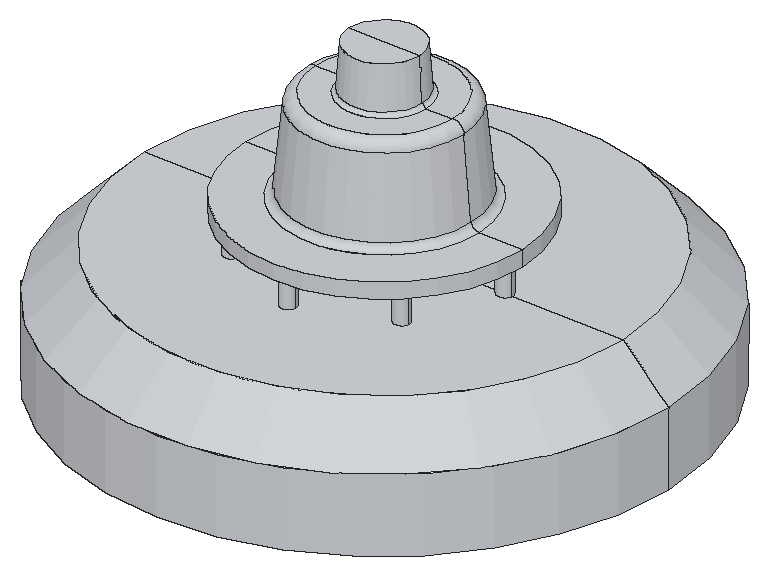
Revit family "HBG7 UFO", category Lighting Fixtures, Revit 2022
Family settings
  Round Connector Dimension = Use Diameter
  Part Type = Normal
  OmniClass Number = 23.80.70.00
  OmniClass Title = Lighting
  Work Plane-Based = No
  Always vertical = Yes
  Cut with Voids When Loaded = Yes
  Light Source = Yes
  Maintain Annotation Orientation = No
  Shared = No
  Room Calculation Point = No
Parameters (values of type "HBG7-150SP-3000K-90D")
  Wattage Comments = "150W"
  Wattage = 132.966 W
  built-in parameter 1150110 = 1 (stored number, unit not read)
  URL = "https://www.abovealllighting.com/Product/LED-INDOOR-FIXTURE/LEDHIGHBAYLOWBAY/HBG7UFOHighBayLight.html"
  built-in parameter 1114217 = 1 (stored number, unit not read)
  Tilt Angle = 90.00°
  built-in parameter 1150109 = 1 (stored number, unit not read)
  built-in parameter 1150134 = (empty or 0)
  built-in parameter 1150113 = 1 (stored number, unit not read)
  Power Factor = "0.9"
  Photometric Web File = "HBG7-150W-90D.IES"
  Model = "HBG7-150SP-SW1-HK-90-BK"
  Manufacturer = "Above All Lighting"  # constant formula
  Lumens = 19751 lm
  built-in parameter 1150115 = 1 (stored number, unit not read)
  built-in parameter 1150105 = 10493.4 (stored number, unit not read)
  Load Classification = Lighting
  built-in parameter 1150137 = (empty or 0)
  built-in parameter 1150139 = (empty or 0)
  built-in parameter 1150112 = 1 (stored number, unit not read)
  built-in parameter 1150114 = 1 (stored number, unit not read)
  Lamp = "LED"
  Input Voltage = "120-277V/347-480V"
  built-in parameter 1150132 = 2
  built-in parameter 1150102 = (empty or 0)
  built-in parameter 1150138 = (empty or 0)
  built-in parameter 1150107 = 3000 (stored number, unit not read)
  built-in parameter 1150106 = 104.93 (stored number, unit not read)
  IP Rating = "65"
  built-in parameter 1150104 = 13.8 (stored number, unit not read)
  Dimming Lamp Color Temperature Shift = <None>
  Default Elevation = 0' - 0"
  Color Filter = 16777215
  CRI = "80"
  Beam Angle [instance] = 90.00°
  built-in parameter 1114218 = 1 (stored number, unit not read)
  built-in parameter 1150133 = 10 (stored number, unit not read)
Types (4): name | Wattage Comments | Wattage | Photometric Web File | Model | Lumens | built-in parameter 1150105 | built-in parameter 1150106 | Beam Angle
  (no name) | "150W" | 132.966 W | "HBG7-150W-90D.IES" | "HBG7-150SP-SW1-HK-90-BK" | 19751 lm | 10493.4 (stored number, unit not read) | 104.93 (stored number, unit not read) | 90.00°
  HBG7-150SP-3000K-90D | "150W" | 132.966 W | "HBG7-150W-90D.IES" | "HBG7-150SP-SW1-HK-90-BK" | 19751 lm | 10493.4 (stored number, unit not read) | 104.93 (stored number, unit not read) | 90.00°
  HBG7-240SP-3000K-90D | "240W" | 211.247 W | "HBG7-240W-90D.IES" | "HBG7-240SP-SW1-HK-90-BK" | 31379 lm | 16671.1 (stored number, unit not read) | 166.71 (stored number, unit not read) | 90.00°
  HBG7-150SP-3000K-110D | "150W" | 132.999 W | "HBG7-150W-110D-3000K.IES" | "HBG7-150SP-SW1-HK-110-BK" | 19756 lm | 1572.1 (stored number, unit not read) | 15.721 (stored number, unit not read) | 110.00°
Reference planes (in)
  plane 1 "Light Source Axis (F/B)": y = 0
  plane 2: z = 0
  plane 3 "Light Source Axis (L/R)": x = 0
  plane 4 "Light Source Elevation": z = 54
  plane 5: z = 59
  plane 6: x = -4.72656
  plane 7: x = 4.72656
  plane 8: z = 55.96875
Forms (in)
  Revolve 1, solid
    sketch origin (0, 0, 0) x (1, 0, 0) y (0, 0, 1)
      loop
        line (-4.72656, 54) -> (0, 54) -> (0, 59) -> (-0.58178, 59) -> (-0.63003, 58.30997)
        arc (-0.63003, 58.30997) -> (-0.64975, 58.26862) -> (-0.69238, 58.25183) r 0.0625
        line (-0.69238, 58.25183) -> (-1.13361, 58.25183)
        arc (-1.13361, 58.25183) -> (-1.25954, 58.20324) -> (-1.32021, 58.08267) r 0.1875
        line (-1.32021, 58.08267) -> (-1.44404, 56.82277)
        arc (-1.44404, 56.82277) -> (-1.48449, 56.74238) -> (-1.56844, 56.70999) r 0.125
        line (-1.56844, 56.70999) -> (-2.29234, 56.70999) -> (-2.29234, 56.45999) -> (-0.12558, 56.45999) -> (-0.12558, 55.96875) -> (-0.80391, 55.96875) -> (-0.80391, 55.70315) -> (-1.22656, 55.70315) -> (-1.22656, 55.96875) -> (-3.97656, 55.96875) -> (-4.72656, 55.21875) -> (-4.72656, 54)
      axis (0, 59) -> (0, 54)
    angle from 0 to 360
  Extrusion 2, solid
    sketch origin (0, 0, 55.96875) x (1, 0, 0) y (0, 1, 0)
      loop
        circle (0, 2) r 0.125
      loop
        circle (0, -2) r 0.125
      loop
        circle (-1.4067, 1.4067) r 0.125
      loop
        circle (-2, 0) r 0.125
      loop
        circle (-1.41421, -1.41421) r 0.125
      loop
        circle (1.4067, 1.4067) r 0.125
      loop
        circle (2, 0) r 0.125
      loop
        circle (1.41421, -1.41421) r 0.125
    from -0.75 to 0.49124
  Extrusion 3, void
    sketch origin (0, 0, 54) x (1, 0, 0) y (0, 1, 0)
      loop
        circle (0, 0) r 4.60156
    from 0 to 0.5
Cuts and joins
  Extrusion 3 cuts Revolve 1
Dimensions and locks (in)
  aligned and locked: plane 3 "Light Source Axis (L/R)" to imposter light
  aligned and locked: plane 1 "Light Source Axis (F/B)" to imposter light
  aligned and locked: plane 4 "Light Source Elevation" to imposter light
  aligned and locked: level to plane 2
